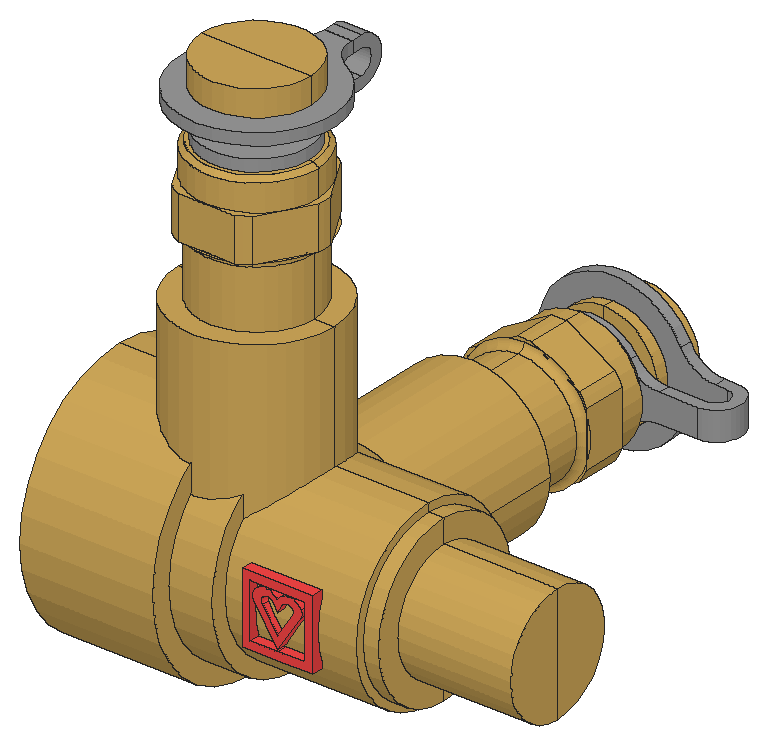
Revit family "HERZ измерительная диафрагма 4000_LF_MF", category Rohrzubehör, Revit 2018
Family settings
  Bemaßung runder Anschluss = Durchmesser verwenden
  Teiletyp = Unterbricht
  OmniClass-Nummer = 23.65.55.14
  OmniClass-Titel = Valves for Liquid Services
  Arbeitsebenenbasiert = Nein
  Immer vertikal = Ja
  Beim Laden mit Abzugskörper schneiden = Nein
  Gemeinsam genutzt = Nein
Parameters (values of type "LF")
  Среда = "Качество теплоносителя в соответствии с ÖNORM H5195 и VDI 2035.\r\nДопускается использование этилен- и пропиленгликоля в объемном соотношении 25-50 % с водой."
  Применение = "HERZ-измерительные диафрагмы устанавливаются на участках трубопроводов в системах отопления и холодоснабжения.\r\nИзмерительные диафрагмы могут устанавливаться как на подающей, так и на обратной линиях.\r\nОни устанавливаются либо вплотную к HERZ балансировочному клапану, образуя комплект, либо используются вместе с HERZ запорным клапаном.\r\nУчастки балансируются с помощью настроек балансировочного клапана при измерении потери давления на измерительной диафрагме."
  Номер заказа [instance] = if(and(LF, Nennweite = 15.00 mm), 1400011, if(and(MF, Nennweite = 15.00 mm), 1400021, 0))  # 1400011
  Мин. рабочая температура = -20 °C  # constant formula
  Макс. рабочее давление = 2000000.0 Pa  # constant formula
  Корпус = "латунь, CC770S"  # constant formula
  Исполнение = "Корпус измерительной диафрагмы выполнен из латуни, устойчивой к селективной цинковой коррозии.\r\nДва измерительных клапана встроены в диафрагму.\r\nСогласно EN 10226 на входе в диафрагму - муфта с внутренней резьба Rp и на выходе - наружная резьба R."
  kvs-значения [instance] = if(and(LF, Nennweite = 15.00 mm), 0.55, if(and(MF, Nennweite = 15.00 mm), 1.1, 0))  # 0.55
  URL = "www.herz-armaturen.ru"
  SCRNSEQ = "AWI;AWI_TYP=\"1001\";02"
  SCRNCODE = "02;01;02"  # constant formula
  S03 = 10.00 mm  # constant formula
  S02 [instance] = S01 - 10.00 mm  # 17.50 mm
  S01 [instance] = H01  # 27.50 mm
  R01 [instance] = 10.00 mm  # constant formula
  Nennweite [instance] = 15.00 mm  # constant formula
  Измерительные клапаны = "латунь, CW602N"  # constant formula
  Макс. рабочая температура (до DN32) = 130 °C  # constant formula
  Макс. рабочая температура (от DN40) = 110 °C  # constant formula
  MF = no
  LO01 [instance] = 30.00 mm  # constant formula
  LF = yes
  L05 [instance] = 23.00 mm  # constant formula
  L04 [instance] = 16.50 mm  # constant formula
  L03 [instance] = 22.60 mm  # constant formula
  L02 [instance] = 17.00 mm  # constant formula
  L01 [instance] = 17.50 mm  # constant formula
  L00 [instance] = 56.00 mm  # constant formula
  IG [instance] = Nennweite / 2  # 7.50 mm
  Hersteller = "HERZ Armaturen Ges.m.b.H."  # constant formula
  H01 [instance] = 27.50 mm  # constant formula
  GT1 [instance] = 14.50 mm  # constant formula
  GT [instance] = 13.00 mm  # constant formula
  D04 [instance] = D03 - 1.00 mm  # 10.50 mm
  D03 [instance] = 11.50 mm  # constant formula
  D02 [instance] = 13.50 mm  # constant formula
  D01 [instance] = 16.00 mm  # constant formula
  AG [instance] = Nennweite / 2  # 7.50 mm
Types (3, lengths in mm): name | Номер заказа | kvs-значения | MF | LF
  (no name) | 1400011 | 0.55 | no | yes
  LF | 1400011 | 0.55 | no | yes
  MF | 1400021 | 1.1 | yes | no
Reference planes
  plane 1 "Mitte (Vorne/hinten)": y = 0
  plane 2: z = 0
  plane 3 "Mitte (Links/rechts)": x = 0
Forms (mm)
  Revolve 1, solid, material "Messing, weicher Gelbton, geschweißt", detail levels fine
    sketch origin (0, 0, 0) x (1, 0, 0) y (0, 0, 1)
      loop
        line (-4.5, 0) -> (38.5, 0) -> (38.5, 7.5) -> (24, 7.5) -> (24, 10.5) -> (22, 10.5) -> (22, 11.5) -> (5.1, 11.5) -> (5.1, 13.5) -> (-0.5, 13.5) -> (-0.5, 16) -> (-17.5, 16) -> (-17.5, 7.5) -> (-4.5, 7.5) -> (-4.5, 0)
      axis (-17.5, 0) -> (38.5, 0)
    angle from 0 to 360
  Revolve 2, solid, material "Messing, weicher Gelbton, geschweißt", detail levels fine
    sketch origin (0, 0, 0) x (1, 0, 0) y (0, 0, 1)
      loop
        line (-10, 7.5) -> (0, 7.5) -> (0, 27.5) -> (-10, 27.5) -> (-10, 7.5)
      axis (0, 27.5) -> (0, 7.5)
    angle from 0 to 360
  Revolve 3, solid, material "Messing, weicher Gelbton, geschweißt", detail levels fine
    sketch origin (0, 0, 0) x (1, 0, 0) y (0, 1, 0)
      loop
        line (5.5, 7.5) -> (15.5, 7.5) -> (15.5, 27.5) -> (5.5, 27.5) -> (5.5, 7.5)
      axis (5.5, 27.5) -> (5.5, 7.5)
    angle from 0 to 360
Lines and regions (mm)
  model lines, detail levels coarse+medium
    curve 1: line (-17.5, 0, 0) -> (0.5, 0, 0)
    curve 2: line (10.5, 0, -27.5) -> (10.5, 0, 27.5)
    curve 3: line (20.5, 0, 17.5) -> (20.5, 0, -17.5)
    curve 4: line (20.5, 0, 0) -> (38.5, 0, 0)
    curve 5: line (0.5, 0, 17.5) -> (0.5, 0, -17.5)
    curve 6: line (-17.5, 0, 0) -> (0.5, 0, 0)
    curve 7: line (10.5, 27.5, 0) -> (10.5, -27.5, 0)
    curve 8: line (0.5, 17.5, 0) -> (0.5, -17.5, 0)
    curve 9: line (20.5, 17.5, 0) -> (20.5, -17.5, 0)
    curve 10: line (20.5, 0, 0) -> (38.5, 0, 0)
Dimensions and locks
  "L00": Revolve 1 sketch curve to Revolve 1 sketch curve
  "GT": Revolve 1 sketch curve to Revolve 1 sketch curve
  "L01": plane 3 "Mitte (Links/rechts)" to Revolve 1 sketch curve
  "GT1": Revolve 1 sketch curve to Revolve 1 sketch curve
  "L02": Revolve 1 sketch curve to Revolve 1 sketch curve
  "L03": Revolve 1 sketch curve to Revolve 1 sketch curve
  "L04": Revolve 1 sketch curve to Revolve 1 sketch curve
  "AG": Revolve 1 sketch curve to plane 2
  "IG": Revolve 1 sketch curve to plane 2
  "D01": Revolve 1 sketch curve to plane 2
  "D02": Revolve 1 sketch curve to plane 2
  "D03": Revolve 1 sketch curve to plane 2
  "D04": Revolve 1 sketch curve to plane 2
  "D03": nested 1 to plane 1 "Mitte (Vorne/hinten)"
  "LO01": Revolve 1 to nested 1
  "IG": Revolve 2 sketch curve to plane 2
  "H01": Revolve 2 sketch curve to plane 2
  "R01": plane 3 "Mitte (Links/rechts)" to Revolve 2 sketch curve
  "H01": nested 2 to plane 2
  "IG": plane 1 "Mitte (Vorne/hinten)" to Revolve 3 sketch curve
  "H01": plane 1 "Mitte (Vorne/hinten)" to Revolve 3 sketch curve
  "R01": Revolve 3 sketch curve to Revolve 3 sketch curve
  "L05": Revolve 1 to Revolve 3 sketch curve  (x2)
  "H01": plane 1 "Mitte (Vorne/hinten)" to nested 3
  "L05": Revolve 1 to nested 3
  "L01": Revolve 1 to nested 2
  "S01": curve 2 to curve 4 to curve 2
  "L00": curve 1 to curve 4
  "S02": curve 3 to curve 4 to curve 3
  "S03": curve 2 to curve 3
  "S03": curve 2 to curve 5
  equal spacing: curve 4, curve 2, curve 1
  "S02": curve 5 to curve 1 to curve 5
  "L01": plane 3 "Mitte (Links/rechts)" to curve 1
  "L00": curve 6 to curve 10
  equal spacing: curve 6, curve 7, curve 10
  "S03": curve 8 to curve 7 to curve 9
  "S02": curve 9 to curve 10 to curve 9
  "S02": curve 8 to curve 6 to curve 8
  "S01": curve 7 to curve 10 to curve 7
  "L01": curve 6 to plane 3 "Mitte (Links/rechts)"
  aligned and locked: level to plane 2
Automatic sketch dimensions
  curve 4 to level = 0.00 mm
  curve 1 to level = 0.00 mm
  plane 1 "Mitte (Vorne/hinten)" to curve 10 = 0.00 mm
  plane 1 "Mitte (Vorne/hinten)" to curve 6 = 0.00 mm
  Revolve 1 sketch curve to level = 0.00 mm  (x2)
  Revolve 1 sketch curve to Revolve 1 sketch curve = 1489.03 mm
  Revolve 1 sketch curve to Revolve 1 sketch curve = 1800.648 mm
  Revolve 2 sketch curve to plane 3 "Mitte (Links/rechts)" = 0.00 mm  (x2)
  Revolve 2 sketch curve to level = 366.045 mm
  Revolve 2 sketch curve to Revolve 2 sketch curve = 2186.815 mm
  Revolve 3 sketch curve to Revolve 3 sketch curve = 0.00 mm  (x2)
Nested families
  nested 1: "Herz-Logo-vorne" at (12.5, -11.5, 0) x (0, 1, 0) z (0, 0, 1), type "Herz-Logo-vorne", detail levels fine
  nested 2: "Messstutzen_Band_Eintritt_senkrecht_(oben)" at (0, 0, 18.5), type "Messstutzen_Band_Eintritt_senkrecht_(oben)", detail levels fine
    with Schutzkappe yes, Nennweite 0.00 mm, Gewicht 0.00 kg, Bestellnummer 0
  nested 3: "Messstutzen_Band_Austritt_waagrecht" at (5.5, 18.5, 0) x (0, -1, 0) z (0, 0, 1), type "Messstutzen_Band_Austritt_waagrecht", detail levels fine
    with Schutzkappe yes, Nennweite 0.00 mm, Gewicht 0.00 kg, Bestellnummer 0
Connectors
  piping at (-4.5, 0, 0), diameter 15, driven by "Nennweite"
    settings: on Revolve 1, index 1, connector inside diameter 609.6 mm, connector length 0.00 mm, flow factor 0, pipe flow 0.0 L/s, pressure drop 0.0 Pa, fitting loss kfactor 0, connector angle 0.00°, fixture units 0, engagement length 0.00 mm, angle of deflection 0.00°, flow configuration 0, flow direction 1, fitting loss method 0, system type 29, joint type 0, gender type 0, connector reference index -1, connector utility 0, adjustable connector no, is connector primary yes, connector description ""
  piping at (38.5, 0, 0), diameter 15, driven by "Nennweite"
    settings: on Revolve 1, index 2, connector inside diameter 609.6 mm, connector length 0.00 mm, flow factor 0, pipe flow 0.0 L/s, pressure drop 0.0 Pa, fitting loss kfactor 0, connector angle 0.00°, fixture units 0, engagement length 0.00 mm, angle of deflection 0.00°, flow configuration 0, flow direction 2, fitting loss method 0, system type 29, joint type 0, gender type 0, connector reference index -1, connector utility 0, adjustable connector no, is connector primary no, connector description ""
Definition of nested family "Herz-Logo-vorne"
  Reference planes
    plane 1 "Mitte (Vorne/hinten)": y = 0
    plane 2: z = 0
    plane 3 "Mitte (Links/rechts)": x = 0
  Forms (mm)
    Extrusion 1, solid
      sketch origin (0.732, -0.018, 0.017) x (0, -1, 0) y (0, 0, 1)
        loop
          line (-0.018, -4.517) -> (4.482, -4.517) -> (4.482, 4.483) -> (-4.518, 4.483) -> (-4.518, -4.517) -> (-0.018, -4.517)
        loop
          line (-0.05, -3.48) -> (3.482, -3.48) -> (3.482, 3.483) -> (-3.518, 3.483) -> (-3.518, -3.48) -> (-0.05, -3.48)
        loop
          arc (-0.018, 2.383) -> (-1.543, 3.287) -> (-3.067, 2.383) r 1.738
          arc (-3.067, 2.383) -> (-3.191, 1.899) -> (-3.067, 1.415) r 1.009
          line (-3.067, 1.415) -> (-0.018, -3.281) -> (3.032, 1.415)
          arc (3.032, 1.415) -> (3.156, 1.899) -> (3.032, 2.383) r 1.009
          arc (3.032, 2.383) -> (1.507, 3.287) -> (-0.018, 2.383) r 1.738
        loop
          arc (1.885, 1.272) -> (2.005, 1.675) -> (1.885, 2.079) r 0.74
          arc (1.885, 2.079) -> (1.265, 2.416) -> (0.644, 2.079) r 0.74
          line (0.644, 2.079) -> (-0.018, 0.97) -> (-0.679, 2.079)
          arc (-0.679, 2.079) -> (-1.3, 2.416) -> (-1.921, 2.079) r 0.74
          arc (-1.921, 2.079) -> (-2.04, 1.675) -> (-1.921, 1.272) r 0.74
          line (-1.921, 1.272) -> (-0.018, -1.658) -> (1.885, 1.272)
      from 0 to 1.5
  Dimensions and locks
    aligned and locked: level to plane 2
Definition of nested family "Messstutzen_Band_Eintritt_senkrecht_(oben)"
  Parameters (values of type "Messstutzen_Band_Eintritt_senkrecht_(oben)")
    URL = "www.herz-armaturen.at"
    Schutzkappe [instance] = yes
    Nennweite [instance] = 0.00 mm
    Manufacturer = "Herz Armaturen GmbH"  # constant formula
    Gewicht [instance] = 0.00 kg
    Bestellnummer [instance] = 0
  Reference planes
    plane 1 "Mitte (Vorne/hinten)": y = 0
    plane 2: z = 0
    plane 3 "Mitte (Links/rechts)": x = 0
    plane 4 "Schlaufe 1": z = -27
    plane 5 "Schlaufe 2": z = -31.678
  Forms (mm)
    Revolve 1, solid, detail levels fine
      sketch origin (0, 0, 0) x (1, 0, 0) y (0, 0, 1)
        loop
          line (-7.4, 9) -> (-5.55, 9) -> (-5.55, 6)
          arc (-5.55, 6) -> (-5.626, 5.617) -> (-5.843, 5.293) r 1
          line (-5.843, 5.293) -> (-6.455, 4.681) -> (-6.455, 0.9) -> (-5.555, 0) -> (-2, 0) -> (-2, 17.5) -> (-8.4, 17.5)
          arc (-8.4, 17.5) -> (-7.693, 17.207) -> (-7.4, 16.5) r 1
          line (-7.4, 16.5) -> (-7.4, 9)
        loop
          line (-3.7, 27) -> (-7.3, 27) -> (-7.9, 26.4) -> (-7.9, 23) -> (-2, 23) -> (-2, 35.8) -> (-3.805, 35.8) -> (-4.415, 35.19) -> (-4.415, 30.863) -> (-3.7, 30.45) -> (-3.7, 27)
        axis (0, 0) -> (0, 35.8)
      angle from 0 to 360
    Extrusion 2, solid, detail levels fine
      sketch origin (0, 0, 17.5) x (0, 1, 0) y (-1, 0, 0)
        loop
          arc (-7.07, 5.156) -> (-7.578, 4.375) -> (-8, 3.544) r 8.75
          line (-8, 3.544) -> (-8, -3.544)
          arc (-8, -3.544) -> (-7.578, -4.375) -> (-7.07, -5.156) r 8.75
          line (-7.07, -5.156) -> (-0.93, -8.7)
          arc (-0.93, -8.7) -> (0, -8.75) -> (0.93, -8.7) r 8.75
          line (0.93, -8.7) -> (7.07, -5.156)
          arc (7.07, -5.156) -> (7.578, -4.375) -> (8, -3.544) r 8.75
          line (8, -3.544) -> (8, 3.544)
          arc (8, 3.544) -> (7.578, 4.375) -> (7.07, 5.156) r 8.75
          line (7.07, 5.156) -> (0.93, 8.7)
          arc (0.93, 8.7) -> (0, 8.75) -> (-0.93, 8.7) r 8.75
          line (-0.93, 8.7) -> (-7.07, 5.156)
      from 0 to 5.5
    Revolve 3, solid, visible <- "Schutzkappe", detail levels fine
      sketch origin (0, 0, 0) x (1, 0, 0) y (0, 0, 1)
        loop
          line (0, 35.878) -> (0, 36.678) -> (-7, 36.678) -> (-7, 33.378) -> (-6.1, 33.378) -> (-6.1, 31.678) -> (-6.9, 31.678) -> (-6.9, 30.178) -> (-4.415, 30.178) -> (-4.415, 35.268) -> (-3.805, 35.878) -> (0, 35.878)
        axis (0, 30.178) -> (0, 36.678)
      angle from 0 to 360
    Extrusion 4, solid, detail levels fine
      sketch origin (0, 0, 28.5) x (1, 0, 0) y (0, 1, 0)
        loop
          circle (0, 0) r 3.7
        loop
          arc (-3.906, 5.505) -> (0, -6.75) -> (3.906, 5.505) r 6.75
          arc (3.906, 5.505) -> (2.358, 7.288) -> (1.8, 9.582) r 5
          line (1.8, 9.582) -> (-1.8, 9.582)
          arc (-1.8, 9.582) -> (-2.358, 7.288) -> (-3.906, 5.505) r 5
      from 0 to -1.5
    Extrusion 5, solid, detail levels fine
      sketch origin (0, 0, 33.178) x (1, 0, 0) y (0, 1, 0)
        loop
          circle (0, 0) r 6.1
        loop
          arc (-4.495, 8.652) -> (0, -9.75) -> (4.495, 8.652) r 9.75
          arc (4.495, 8.652) -> (2.527, 10.493) -> (1.8, 13.089) r 5
          line (1.8, 13.089) -> (-1.8, 13.089)
          arc (-1.8, 13.089) -> (-2.527, 10.493) -> (-4.495, 8.652) r 5
      from 0 to -1.5
    Sweep 6, solid, detail levels fine
      path origin (0, 0, 0) x (0, 0, -1) y (0, -1, 0)
        loop
          line (-27.75, -9.582) -> (-27.75, -14.522)
          arc (-27.75, -14.522) -> (-30.089, -16.862) -> (-32.428, -14.522) r 2.339
          line (-32.428, -14.522) -> (-32.428, -13.089)
      profile origin (0, 12.052, 27.75) x (0, 0, 1) y (1, 0, 0)
        loop
          line (-0.75, -1.8) -> (0.75, -1.8) -> (0.75, 1.8) -> (-0.75, 1.8) -> (-0.75, -1.8)
  Dimensions and locks
    aligned and locked: level to plane 2
Definition of nested family "Messstutzen_Band_Austritt_waagrecht"
  Parameters (values of type "Messstutzen_Band_Austritt_waagrecht")
    URL = "www.herz-armaturen.at"
    Schutzkappe [instance] = yes
    Nennweite [instance] = 0.00 mm
    Manufacturer = "Herz Armaturen GmbH"  # constant formula
    Gewicht [instance] = 0.00 kg
    Bestellnummer [instance] = 0
  Reference planes
    plane 1 "Mitte (Vorne/hinten)": y = 0
    plane 2: z = 0
    plane 3 "Mitte (Links/rechts)": x = 0
  Forms (mm)
    Revolve 1, solid, detail levels fine
      sketch origin (0, 0, 0) x (0, 0, -1) y (1, 0, 0)
        loop
          line (-7.4, -9) -> (-7.4, -16.5)
          arc (-7.4, -16.5) -> (-7.693, -17.207) -> (-8.4, -17.5) r 1
          line (-8.4, -17.5) -> (-2, -17.5) -> (-2, 0) -> (-5.555, 0) -> (-6.455, -0.9) -> (-6.455, -4.681) -> (-5.843, -5.293)
          arc (-5.843, -5.293) -> (-5.626, -5.617) -> (-5.55, -6) r 1
          line (-5.55, -6) -> (-5.55, -9) -> (-7.4, -9)
        loop
          line (-3.7, -27) -> (-3.7, -30.45) -> (-4.415, -30.863) -> (-4.415, -35.19) -> (-3.805, -35.8) -> (-2, -35.8) -> (-2, -23) -> (-7.9, -23) -> (-7.9, -26.4) -> (-7.3, -27) -> (-3.7, -27)
        axis (0, 0) -> (0, -35.8)
      angle from 0 to 360
    Extrusion 2, solid, detail levels fine
      sketch origin (-17.5, 0, 0) x (0, 0, 1) y (0, 1, 0)
        loop
          line (5.156, -7.07) -> (8.7, -0.93)
          arc (8.7, -0.93) -> (8.75, 0) -> (8.7, 0.93) r 8.75
          line (8.7, 0.93) -> (5.156, 7.07)
          arc (5.156, 7.07) -> (4.375, 7.578) -> (3.544, 8) r 8.75
          line (3.544, 8) -> (-3.544, 8)
          arc (-3.544, 8) -> (-4.375, 7.578) -> (-5.156, 7.07) r 8.75
          line (-5.156, 7.07) -> (-8.7, 0.93)
          arc (-8.7, 0.93) -> (-8.75, 0) -> (-8.7, -0.93) r 8.75
          line (-8.7, -0.93) -> (-5.156, -7.07)
          arc (-5.156, -7.07) -> (-4.375, -7.578) -> (-3.544, -8) r 8.75
          line (-3.544, -8) -> (3.544, -8)
          arc (3.544, -8) -> (4.375, -7.578) -> (5.156, -7.07) r 8.75
      from 0 to 5.5
    Revolve 3, solid, visible <- "Schutzkappe", detail levels fine
      sketch origin (0, 0, 0) x (0, 0, -1) y (1, 0, 0)
        loop
          line (0, -35.878) -> (-3.805, -35.878) -> (-4.415, -35.268) -> (-4.415, -30.178) -> (-6.9, -30.178) -> (-6.9, -31.678) -> (-6.1, -31.678) -> (-6.1, -33.378) -> (-7, -33.378) -> (-7, -36.678) -> (0, -36.678) -> (0, -35.878)
        axis (0, -30.178) -> (0, -36.678)
      angle from 0 to 360
    Extrusion 4, solid, detail levels fine
      sketch origin (-27, 0, 0) x (0, 1, 0) y (0, 0, 1)
        loop
          circle (0, 0) r 3.7
        loop
          arc (5.505, 3.906) -> (-6.75, 0) -> (5.505, -3.906) r 6.75
          arc (5.505, -3.906) -> (7.288, -2.358) -> (9.582, -1.8) r 5
          line (9.582, -1.8) -> (9.582, 1.8)
          arc (9.582, 1.8) -> (7.288, 2.358) -> (5.505, 3.906) r 5
      from 0 to -1.5
    Extrusion 5, solid, detail levels fine
      sketch origin (-31.678, 0, 0) x (0, 1, 0) y (0, 0, 1)
        loop
          circle (0, 0) r 6.1
        loop
          arc (8.652, 4.495) -> (-9.75, 0) -> (8.652, -4.495) r 9.75
          arc (8.652, -4.495) -> (10.493, -2.527) -> (13.089, -1.8) r 5
          line (13.089, -1.8) -> (13.089, 1.8)
          arc (13.089, 1.8) -> (10.493, 2.527) -> (8.652, 4.495) r 5
      from 0 to -1.5
    Sweep 6, solid, detail levels fine
      path origin (0, 0, 0) x (0, -1, 0) y (1, 0, 0)
        loop
          line (-9.582, -27.75) -> (-14.522, -27.75)
          arc (-14.522, -27.75) -> (-16.862, -30.089) -> (-14.522, -32.428) r 2.339
          line (-14.522, -32.428) -> (-13.089, -32.428)
      profile origin (-27.75, 12.052, 0) x (-1, 0, 0) y (0, 0, 1)
        loop
          line (-0.75, 1.8) -> (-0.75, -1.8) -> (0.75, -1.8) -> (0.75, 1.8) -> (-0.75, 1.8)
  Cuts and joins
    joined: Extrusion 4, Extrusion 5, Sweep 6
  Dimensions and locks
    aligned and locked: level to plane 2
